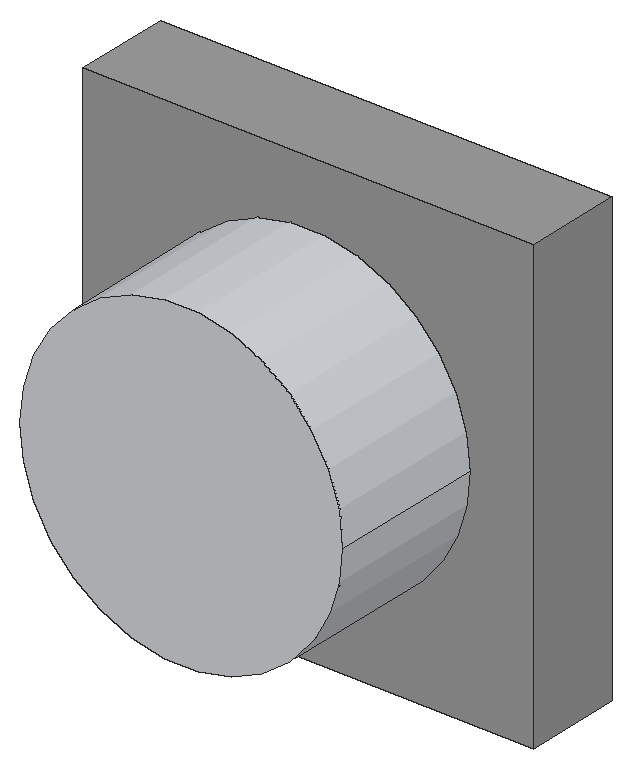
Revit family "BVN_EA", category Mechanical Equipment, host Wall, Revit 2019
Family settings
  Host = Wall
  Round Connector Dimension = Use Diameter
  Part Type = Normal
  Always vertical = Yes
  Cut with Voids When Loaded = No
  Shared = No
  Room Calculation Point = No
Parameters (values of type "EA 1530")
  b = B * 0.75  # 33.75 mm
  Weight = 1.12 kg
  Voltage = 230 V
  URL = "http://www.bahcivanmotor.com.tr/index.php"
  Speed(d/d) = 2000
  Sound Pressure = 43
  Q' = Q - 30 mm  # 74 mm
  Q = A / 2  # 104 mm
  Protection Class = 20
  Power = 21 W
  Model = "EF"
  Menfez = A - 30 mm  # 178 mm
  Material Fan = none
  Material Cover = Default
  Manufacturer = "http://www.bahcivanmotor.com.tr/iletisim.php"
  Insulation Thickness = "B"
  Frequency = 50 Hz
  D = 149 mm
  Description = "Plastic Fan"
  D' = D + 40 mm  # 189 mm
  Current = 0.13 A
  C = 73 mm
  B = 45 mm
  E = 208 mm
  Air Flow = 300.00 m³/h
  A = 208 mm
Types (3, lengths in mm): name | b | Weight | Speed(d/d) | Sound Pressure | Q' | Q | Power | Menfez | Material Cover | D | D' | Current | C | B | E | Air Flow | A
  EA 1010 | 26.25 | 0.52 kg | 2600 | 40 | 44.5 | 74.5 | 13 W | 119 | Stainless Steel | 97 | 137 | 0.09 A | 54 | 35 | 149 | 100.00 m³/h | 149
  EA 1219 | 28.5 | 0.60 kg | 2400 | 41 | 64 | 94 | 14 W | 158 | Default | 118 | 158 | 0.09 A | 76 | 38 | 188 | 200.00 m³/h | 188
  EA 1530 | 33.75 | 1.12 kg | 2000 | 43 | 74 | 104 | 21 W | 178 | Default | 149 | 189 | 0.13 A | 73 | 45 | 208 | 300.00 m³/h | 208
Reference planes
  plane 1 "Wall": y = 0
  plane 2 "Center (Left/Right)": x = 125
  plane 3 "Back": y = 75
  plane 4: z = 1822.081
  plane 5: x = 36
  plane 6: x = 214
  plane 7: z = 1911.081
  plane 8: z = 1733.081
  plane 9: y = 2
  plane 10: y = 120
  plane 11: y = 108.75
Forms (mm)
  Extrusion 1, solid, material "Default" <- "Material Cover"
    sketch origin (0, 75, 0) x (1, 0, 0) y (0, 0, 1)
      loop
        line (229, 1926.081) -> (21, 1926.081) -> (21, 1718.081) -> (229, 1718.081) -> (229, 1926.081)
    from -45 to 0
  Extrusion 2, solid, material <- "Material Fan"
    sketch origin (0, 120, 0) x (1, 0, 0) y (0, 0, 1)
      loop
        circle (125, 1822.081) r 74.5
    from 45 to 118
  Extrusion 3, void
    sketch origin (0, 120, 0) x (1, 0, 0) y (0, 0, 1)
      loop
        circle (125, 1822.081) r 94.5
    from 0 to 200
  Extrusion 4, void
    sketch origin (0, 120, 0) x (-1, 0, 0) y (0, 0, 1)
      loop
        line (-214, 1880.124) -> (-214, 1872.385) -> (-36, 1872.385) -> (-36, 1880.124) -> (-214, 1880.124)
      loop
        line (-214, 1864.646) -> (-214, 1856.907) -> (-36, 1856.907) -> (-36, 1864.646) -> (-214, 1864.646)
      loop
        line (-214, 1849.168) -> (-214, 1841.429) -> (-36, 1841.429) -> (-36, 1849.168) -> (-214, 1849.168)
      loop
        line (-214, 1833.69) -> (-214, 1825.95) -> (-36, 1825.95) -> (-36, 1833.69) -> (-214, 1833.69)
      loop
        line (-214, 1818.211) -> (-214, 1810.472) -> (-36, 1810.472) -> (-36, 1818.211) -> (-214, 1818.211)
      loop
        line (-214, 1802.733) -> (-214, 1794.994) -> (-36, 1794.994) -> (-36, 1802.733) -> (-214, 1802.733)
      loop
        line (-214, 1787.255) -> (-214, 1779.516) -> (-36, 1779.516) -> (-36, 1787.255) -> (-214, 1787.255)
      loop
        line (-214, 1771.776) -> (-214, 1764.037) -> (-36, 1764.037) -> (-36, 1771.776) -> (-214, 1771.776)
      loop
        line (-214, 1895.603) -> (-214, 1887.863) -> (-36, 1887.863) -> (-36, 1895.603) -> (-214, 1895.603)
      loop
        line (-214, 1756.298) -> (-214, 1748.559) -> (-36, 1748.559) -> (-36, 1756.298) -> (-214, 1756.298)
      loop
        line (-214, 1911.081) -> (-214, 1903.342) -> (-36, 1903.342) -> (-36, 1911.081) -> (-214, 1911.081)
      loop
        line (-214, 1740.82) -> (-214, 1733.081) -> (-36, 1733.081) -> (-36, 1740.82) -> (-214, 1740.82)
    from 36.742 to -11.25
  Extrusion 5, void
    sketch origin (0, 120, 0) x (-1, 0, 0) y (0, 0, 1)
      loop
        circle (-125, 1822.081) r 52
      loop
        circle (-125, 1822.081) r 37
    from -42.177 to -11.25
Cuts and joins
  Extrusion 4, Extrusion 5 cuts Extrusion 1
  Extrusion 4, Extrusion 5 cuts Extrusion 2
Text (mm)
  text "Placement Side" at (-1848.837, 1116.779, 0), in view "Ref. Level"
  text "Placement side" at (0, 1409.804, 2854.306), in view "Left"
  text "Placement side" at (0, 499.811, 2980.732), in view "Right"
Dimensions and locks
  locked: plane 3 "Back" to host wall
  plane 4 to level = 1822.081 mm
  equal spacing: Extrusion 1 sketch curve, plane 2 "Center (Left/Right)", Extrusion 1 sketch curve
  equal spacing: Extrusion 1 sketch curve, plane 4, Extrusion 1 sketch curve
  "E": Extrusion 1 sketch curve to Extrusion 1 sketch curve
  "A": Extrusion 1 sketch curve to Extrusion 1 sketch curve
  locked: Extrusion 2 sketch curve to plane 4
  locked: Extrusion 2 sketch curve to plane 2 "Center (Left/Right)"
  locked: Extrusion 3 sketch curve to plane 4
  locked: Extrusion 3 sketch curve to plane 2 "Center (Left/Right)"
  equal spacing: plane 6, plane 2 "Center (Left/Right)", plane 5
  equal spacing: cut or joined group of Extrusion 1, Extrusion 4, Extrusion 5, cut or joined group of Extrusion 1, Extrusion 4, Extrusion 5, cut or joined group of Extrusion 1, Extrusion 4, Extrusion 5, cut or joined group of Extrusion 1, Extrusion 4, Extrusion 5, cut or joined group of Extrusion 1, Extrusion 4, Extrusion 5, cut or joined group of Extrusion 1, Extrusion 4, Extrusion 5, cut or joined group of Extrusion 1, Extrusion 4, Extrusion 5, cut or joined group of Extrusion 1, Extrusion 4, Extrusion 5, cut or joined group of Extrusion 1, Extrusion 4, Extrusion 5, cut or joined group of Extrusion 1, Extrusion 4, Extrusion 5, cut or joined group of Extrusion 1, Extrusion 4, Extrusion 5, cut or joined group of Extrusion 1, Extrusion 4, Extrusion 5, cut or joined group of Extrusion 1, Extrusion 4, Extrusion 5, cut or joined group of Extrusion 1, Extrusion 4, Extrusion 5, cut or joined group of Extrusion 1, Extrusion 4, Extrusion 5, cut or joined group of Extrusion 1, Extrusion 4, Extrusion 5, cut or joined group of Extrusion 1, Extrusion 4, Extrusion 5, cut or joined group of Extrusion 1, Extrusion 4, Extrusion 5, cut or joined group of Extrusion 1, Extrusion 4, Extrusion 5, cut or joined group of Extrusion 1, Extrusion 4, Extrusion 5, cut or joined group of Extrusion 1, Extrusion 4, Extrusion 5, cut or joined group of Extrusion 1, Extrusion 4, Extrusion 5, cut or joined group of Extrusion 1, Extrusion 4, Extrusion 5, cut or joined group of Extrusion 1, Extrusion 4, Extrusion 5
  "Menfez": plane 7 to plane 8
  "Menfez": plane 6 to plane 5
  equal spacing: plane 7, plane 4, plane 8
  equal spacing: cut or joined group of Extrusion 1, Extrusion 4, Extrusion 5, Extrusion 5 sketch curve, cut or joined group of Extrusion 1, Extrusion 4, Extrusion 5  (x2)
  "C": plane 9 to plane 3 "Back"
  "B": plane 3 "Back" to plane 10
  "b": plane 3 "Back" to plane 11
  locked: plane 3 "Back" to cut or joined group of Extrusion 1, Extrusion 4, Extrusion 5 at 2.823
  "D": diameter of Extrusion 2 sketch curve
  "D'": diameter of Extrusion 3 sketch curve
  "Q": diameter of Extrusion 5 sketch curve
  "Q'": diameter of Extrusion 5 sketch curve
  aligned and locked: plane 1 "Wall" to host wall
  aligned and locked: plane 6 to Extrusion 4 sketch curve  (x11)
  aligned and locked: Extrusion 4 sketch curve to plane 6
  aligned and locked: Extrusion 4 to plane 5  (x12)
  aligned and locked: plane 8 to cut or joined group of Extrusion 1, Extrusion 4, Extrusion 5
  aligned and locked: plane 7 to cut or joined group of Extrusion 1, Extrusion 4, Extrusion 5
  aligned and locked: cut or joined group of Extrusion 2, Extrusion 4, Extrusion 5 to plane 3 "Back"
  aligned and locked: cut or joined group of Extrusion 2, Extrusion 4, Extrusion 5 to plane 9
  aligned and locked: plane 3 "Back" to cut or joined group of Extrusion 1, Extrusion 4, Extrusion 5
  aligned and locked: plane 10 to Extrusion 1
  aligned and locked: plane 11 to cut or joined group of Extrusion 1, Extrusion 4, Extrusion 5
  aligned and locked: cut or joined group of Extrusion 1, Extrusion 4, Extrusion 5 to plane 11
Automatic sketch dimensions
  Extrusion 1 to Extrusion 4 sketch curve = 15 mm  (x2)
  Extrusion 4 sketch curve to Extrusion 4 sketch curve = 7.739 mm  (x23)
  Extrusion 4 sketch curve to Extrusion 4 sketch curve = 0 mm  (x11)
  Extrusion 5 sketch curve to Extrusion 5 sketch curve = 0 mm  (x2)
